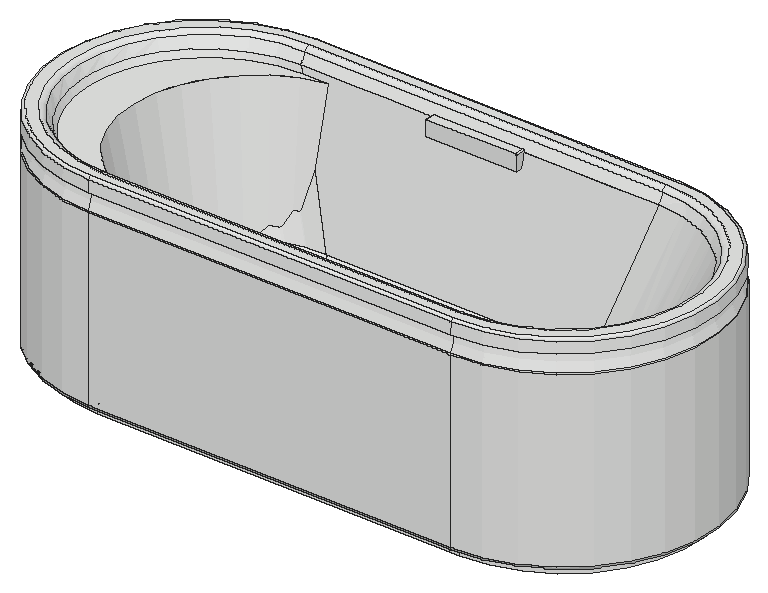
Revit family "Bath-Freestanding-KOHLER-LOVEE-K-9287T_1", category Plumbing Fixtures, host Face, Revit 2017
Family settings
  Host = Face
  Round Connector Dimension = Use Diameter
  Part Type = Normal
  OmniClass Number = 23.31.15.00
  OmniClass Title = Bathtubs
  Cut with Voids When Loaded = No
  Shared = No
  Room Calculation Point = No
Parameters (values of type "0-White")
  Width = 66.92913"  # constant formula
  WaterSense Certified = 1 = 0  # no
  Waste Water Outlet = "Waste Water Outlet"  # constant formula
  Waste Connection = 1 = 1  # yes
  Vent Connection = 1 = 0  # no
  URL = "http://www.kohler.com.cn/"
  Type = 1
  Product Page URL = "https://www.kohler.com.cn/product/K-9287T-0/K-9287T-0/"
  Product Name = "LOVEE"  # constant formula
  Product Documentation Link = "https://files.kohler.com.cn/pdfs/9287t.pdf"
  Model = "K-9287T-0"  # constant formula
  Material = "Cast Iron"  # constant formula
  Master Format 2014 Name = "Residential Bathtubs"  # constant formula
  Master Format 2014 = "22 41 19"  # constant formula
  Manufacturer Address = "Kohler Beijing Office (100016) 36-2-03-B, No. 88, Liuxiang Road, Beijing"  # constant formula
  Manufacturer = "KOHLER Co."  # constant formula
  Length = 29.52756"  # constant formula
  Hot Water Inlet = "Hot Water Inlet"  # constant formula
  Height = 22 5/16"  # constant formula
  HW Connection = 1 = 0  # no
  Finish = KOHLER-Cast_Iron-0-White
  Environmental Product Declaration = ""
  Drain Included = 1 = 0  # no
  Description = "Freestanding cast iron bathtub (with skirt)"  # constant formula
  Default Elevation = 0"
  Declare Label = ""
  Date Modified = "01/21/2021"  # constant formula
  Date Created = "01/21/2021"  # constant formula
  Copyright = "Copyright KOHLER Co."  # constant formula
  Contact Us = "http://www.kohler.com.cn/contact/contact-us/"
  Cold Water Inlet = "Cold Water Inlet"  # constant formula
  CW Connection = 1 = 0  # no
  Assembly Code = "D2010500"
  ADA Compliant = 1 = 0  # no
Reference planes (in)
  plane 1 "Center (Front/Back)": y = 0
  plane 2: z = 0
  plane 3 "Center (Left/Right)": x = 0
  plane 4: y = 14.76378
  plane 5: y = -14.76378
  plane 6: x = -33.46457
  plane 7: x = 33.46457
  plane 8: y = 9.59311
  plane 9: y = -9.59311
  plane 10: x = -23.1065
  plane 11: x = 23.1065
  plane 12: y = 13.1878
  plane 13: y = -13.1878
  plane 14: z = 22.3125
  plane 15: z = 21.14045
  plane 16: x = -30.73986
  plane 17: x = 30.73986
  plane 18: z = 20.94488
Dimensions and locks (in)
  plane 10 to plane 11 = 46.21299"
  plane 12 to plane 13 = 26.37559"
  plane 8 to plane 9 = 19.18622"
  "Height": plane 14 to level
  plane 14 to plane 15 = 1.17205"
  "Width": plane 6 to plane 7
  "Length": plane 4 to plane 5
  plane 14 to plane 18 = 1.36762"
  aligned and locked: plane 2 to host face
  aligned and locked: level to host face
Automatic sketch dimensions
  host sketch curve to host sketch curve = 96"  (x2)
Nested families (in)
  nested 1: "K-9287T" at (0, 0, 0), type "K-9287T"
Connectors (in)
  piping at (0, 0, 3.81199), diameter 1.3125, driven by "Waste Connection", driven by "Waste Water Outlet"
    settings: on nested 1, index 1, connector inside diameter 24", connector length 0", flow factor 0, pipe flow 0 GPM, pressure drop 0.00 psi, fitting loss kfactor 0, connector angle 0.00°, fixture units 0, engagement length 0", angle of deflection 0.00°, flow configuration 0, flow direction 2, fitting loss method 0, system type 16, joint type 0, gender type 0, connector reference index -1, connector utility 1, adjustable connector no, is connector primary yes, connector description "Waste Water Outlet"
Definition of nested family "K-9287T"
  Parameters (values of type "K-9287T")
    Material = none
  Reference planes (in)
    plane 1 "Center (Front/Back)": y = 0
    plane 2: z = 0
    plane 3 "Center (Left/Right)": x = 0
    plane 4: x = 33.46457
    plane 5: x = -33.46457
    plane 6: y = 14.76378
    plane 7: y = -14.76378
    plane 8: y = 13.1878
    plane 9: y = -13.1878
    plane 10: y = 9.59311
    plane 11: y = -9.59311
    plane 12: x = -23.1065
    plane 13: x = 23.1065
    plane 14: z = 22.31378
    plane 15: z = 21.14173
    plane 16: y = 8.77953
    plane 17: y = -8.77953
    plane 18: z = 20.94488
  Forms (in)
    Blend 1, void
      base sketch origin (0, 0, 0) x (1, 0, 0) y (0, 1, 0)
        loop
          arc (-13.32634, 9.22486) -> (-22.47988, 0.07132) -> (-13.32634, -9.08223) r 9.15354
          line (-13.32634, -9.08223) -> (13.54037, -9.08223)
          arc (13.54037, -9.08223) -> (22.69391, 0.07132) -> (13.54037, 9.22486) r 9.15354
          line (13.54037, 9.22486) -> (-13.32634, 9.22486)
      top sketch origin (0, 0, 0) x (1, 0, 0) y (0, 1, 0)
        loop
          line (18.4404, 12.31591) -> (-18.4238, 12.31603)
          arc (-18.4238, 12.31603) -> (-30.73986, 0) -> (-18.4238, -12.31603) r 12.31603
          line (-18.4238, -12.31603) -> (18.4404, -12.31591)
          arc (18.4404, -12.31591) -> (30.75627, 0) -> (18.4404, 12.31591) r 12.31591
      from 5.87937 to 20.94488
    Blend 2, solid, material <- "Material", detail levels medium+fine
      base sketch origin (0, 0, 0) x (1, 0, 0) y (0, 1, 0)
        loop
          arc (-13.467, 9.84638) -> (-23.34534, -0.03196) -> (-13.467, -9.9103) r 9.87834
          line (-13.467, -9.9103) -> (13.75131, -9.9103)
          arc (13.75131, -9.9103) -> (23.62964, -0.03196) -> (13.75131, 9.84638) r 9.87834
          line (13.75131, 9.84638) -> (-13.467, 9.84638)
      top sketch origin (0, 0, 0) x (1, 0, 0) y (0, 1, 0)
        loop
          arc (-18.87512, 13.1878) -> (-32.06294, 0.00001) -> (-18.87512, -13.18778) r 13.18779
          line (-18.87512, -13.18778) -> (18.80138, -13.18766)
          arc (18.80138, -13.18766) -> (31.98901, 0.00001) -> (18.80138, 13.18768) r 13.18767
          line (18.80138, 13.18768) -> (-18.87512, 13.1878)
      from 5.35142 to 20.94488
    Sweep 3, solid, material <- "Material", detail levels medium+fine
      path origin (0, 0, 0) x (1, 0, 0) y (0, 1, 0)
        loop
          arc (18.70419, -13.18771) -> (31.8919, 0) -> (18.70419, 13.18771) r 13.18771
          line (18.70419, 13.18771) -> (-18.69694, 13.18771)
          arc (-18.69694, 13.18771) -> (-31.88466, 0) -> (-18.69694, -13.18771) r 13.18771
          line (-18.69694, -13.18771) -> (18.70419, -13.18771)
      profile origin (0.00362, -13.18771, 0) x (0, -1, 0) y (0, 0, 1)
        loop
          line (0.85028, 22.31522) -> (0.85028, 20.94488)
          arc (0.85028, 20.94488) -> (0.9646, 20.0371) -> (1.30043, 19.186) r 3.66136
          arc (1.30043, 19.186) -> (1.3299, 19.11131) -> (1.33993, 19.03164) r 0.32132
          line (1.33993, 19.03164) -> (1.33993, 1.26317)
          arc (1.33993, 1.26317) -> (1.32742, 1.23298) -> (1.29723, 1.22047) r 0.0427
          line (1.29723, 1.22047) -> (0.65667, 1.22047)
          arc (0.65667, 1.22047) -> (0.30464, 1.07466) -> (0.15883, 0.72263) r 0.49784
          line (0.15883, 0.72263) -> (0.15883, 0) -> (0.39505, 0) -> (0.39505, 0.72333)
          arc (0.39505, 0.72333) -> (0.47147, 0.90783) -> (0.65598, 0.98425) r 0.26093
          line (0.65598, 0.98425) -> (1.30805, 0.98425)
          arc (1.30805, 0.98425) -> (1.49763, 1.06278) -> (1.57615, 1.25235) r 0.2681
          line (1.57615, 1.25235) -> (1.57615, 19.074)
          arc (1.57615, 19.074) -> (1.56815, 19.14736) -> (1.54453, 19.21728) r 0.34042
          arc (1.54453, 19.21728) -> (1.22914, 20.06188) -> (1.04713, 20.94488) r 5.85649
          line (1.04713, 20.94488) -> (1.57607, 20.94488) -> (1.47836, 22.06168)
          arc (1.47836, 22.06168) -> (1.38931, 22.24225) -> (1.20167, 22.31522) r 0.27775
          line (1.20167, 22.31522) -> (0.85028, 22.31522)
    Sweep 4, solid, material <- "Material", detail levels medium+fine
      path origin (0, 0, 0) x (1, 0, 0) y (0, 1, 0)
        loop
          arc (-18.4238, 12.31603) -> (-30.73986, 0) -> (-18.4238, -12.31603) r 12.31603
          line (-18.4238, -12.31603) -> (18.4404, -12.31591)
          arc (18.4404, -12.31591) -> (30.75627, 0) -> (18.4404, 12.31591) r 12.31591
          line (18.4404, 12.31591) -> (-18.4238, 12.31603)
      profile origin (30.75627, 0, 0) x (1, 0, 0) y (0, 0, 1)
        loop
          line (0.543, 21.96487) -> (0, 20.94488) -> (1.4305, 20.94488) -> (1.4305, 22.31522) -> (1.1264, 22.31522)
          arc (1.1264, 22.31522) -> (0.78614, 22.2209) -> (0.543, 21.96487) r 0.66092
    Extrusion 5, solid, material <- "Material", detail levels medium+fine
      sketch origin (0, 0, 0) x (1, 0, 0) y (0, 1, 0)
        loop
          line (18.4404, 13.74641) -> (-18.42379, 13.74652)
          arc (-18.42379, 13.74652) -> (-32.17036, 0) -> (-18.42379, -13.74652) r 13.74652
          line (-18.42379, -13.74652) -> (18.4404, -13.74641)
          arc (18.4404, -13.74641) -> (32.18677, 0) -> (18.4404, 13.74641) r 13.74641
        loop
          line (18.70419, 14.03799) -> (-18.69694, 14.03799)
          arc (-18.69694, 14.03799) -> (-32.73494, 0) -> (-18.69694, -14.03799) r 14.03799
          line (-18.69694, -14.03799) -> (18.70419, -14.03799)
          arc (18.70419, -14.03799) -> (32.74218, 0) -> (18.70419, 14.03799) r 14.03799
      from 20.94488 to 22.31522
    Sweep 6, solid, material <- "Material", detail levels medium+fine
      path origin (0, 0, 0) x (1, 0, 0) y (0, 1, 0)
        loop
          line (13.54037, 9.22486) -> (-13.32634, 9.22486)
          arc (-13.32634, 9.22486) -> (-22.47988, 0.07132) -> (-13.32634, -9.08223) r 9.15354
          line (-13.32634, -9.08223) -> (13.54037, -9.08223)
          arc (13.54037, -9.08223) -> (22.69391, 0.07132) -> (13.54037, 9.22486) r 9.15354
      profile origin (22.69391, 0.07132, 0) x (-1, 0, 0) y (0, 0, 1)
        loop
          line (0, 5.87937) -> (1.5748, 5.87937)
          arc (1.5748, 5.87937) -> (0.24191, 6.22213) -> (-0.71338, 7.21285) r 2.52557
          line (-0.71338, 7.21285) -> (0, 5.87937)
    Blend 7, solid, material <- "Material", detail levels medium+fine
      base sketch origin (0, 0, 0) x (1, 0, 0) y (0, 1, 0)
        loop
          arc (-13.467, 9.84638) -> (-23.34534, -0.03196) -> (-13.467, -9.9103) r 9.87834
          line (-13.467, -9.9103) -> (-11.11988, -9.9103) -> (-11.11988, 9.84638) -> (-13.467, 9.84638)
      top sketch origin (0, 0, 0) x (1, 0, 0) y (0, 1, 0)
        loop
          arc (-18.87512, 13.1878) -> (-32.06294, 0.00001) -> (-18.87512, -13.18778) r 13.18779
          line (-18.87512, -13.18778) -> (-11.11988, -13.18776) -> (-11.11988, 13.18777) -> (-18.87512, 13.1878)
      from 5.04279 to 20.31483
    Blend 8, void
      base sketch origin (0.05035, -0.1465, 0) x (1, 0, 0) y (0, 1, 0)
        loop
          arc (-13.06917, 9.81541) -> (-22.81327, 0.07132) -> (-13.06917, -9.67278) r 9.74409
          line (-13.06917, -9.67278) -> (-9.59542, -9.67278) -> (-9.59542, 9.81541) -> (-13.06917, 9.81541)
      top sketch origin (0.05035, -0.1465, 0) x (1, 0, 0) y (0, 1, 0)
        loop
          line (-9.59542, 12.7097) -> (-13.09097, 12.70971)
          arc (-13.09097, 12.70971) -> (-25.80072, 0) -> (-13.09097, -12.70971) r 12.70971
          line (-13.09097, -12.70971) -> (-9.59542, -12.7097) -> (-9.59542, 12.7097)
      from 5.68866 to 20.94488
    Extrusion 9, solid, material <- "Material", detail levels medium+fine
      sketch origin (0, 0, 0) x (1, 0, 0) y (0, 0, 1)
        loop
          line (-4.81123, 21.01125) -> (-4.81123, 19.65569)
          arc (-4.81123, 19.65569) -> (-4.77894, 19.57773) -> (-4.70097, 19.54543) r 0.11025
          line (-4.70097, 19.54543) -> (4.52627, 19.54543) -> (4.52627, 21.01125)
          arc (4.52627, 21.01125) -> (4.49168, 21.09477) -> (4.40816, 21.12936) r 0.11811
          line (4.40816, 21.12936) -> (-4.69312, 21.12936)
          arc (-4.69312, 21.12936) -> (-4.77663, 21.09477) -> (-4.81123, 21.01125) r 0.11811
      from -12.93658 to -11.43252
    Extrusion 10, void
      sketch origin (0, 0, 0) x (1, 0, 0) y (0, 1, 0)
        loop
          arc (-2.00442, 2.40789) -> (-2.28281, 2.29258) -> (-2.39812, 2.01419) r 0.3937
          line (-2.39812, 2.01419) -> (-2.39812, -2.01419)
          arc (-2.39812, -2.01419) -> (-2.28281, -2.29258) -> (-2.00442, -2.40789) r 0.3937
          line (-2.00442, -2.40789) -> (2.00442, -2.40789)
          arc (2.00442, -2.40789) -> (2.28281, -2.29258) -> (2.39812, -2.01419) r 0.3937
          line (2.39812, -2.01419) -> (2.39812, 2.01419)
          arc (2.39812, 2.01419) -> (2.28281, 2.29258) -> (2.00442, 2.40789) r 0.3937
          line (2.00442, 2.40789) -> (-2.00442, 2.40789)
      from 2.21015 to 7.89698
    Blend 11, solid, material <- "Material", detail levels medium+fine
      base sketch origin (0, 0, 0) x (1, 0, 0) y (0, 1, 0)
        loop
          line (-2.39812, 2.01419) -> (-2.39812, -2.01419)
          arc (-2.39812, -2.01419) -> (-2.28281, -2.29258) -> (-2.00442, -2.40789) r 0.3937
          line (-2.00442, -2.40789) -> (2.00442, -2.40789)
          arc (2.00442, -2.40789) -> (2.28281, -2.29258) -> (2.39812, -2.01419) r 0.3937
          line (2.39812, -2.01419) -> (2.39812, 2.01419)
          arc (2.39812, 2.01419) -> (2.28281, 2.29258) -> (2.00442, 2.40789) r 0.3937
          line (2.00442, 2.40789) -> (-2.00442, 2.40789)
          arc (-2.00442, 2.40789) -> (-2.28281, 2.29258) -> (-2.39812, 2.01419) r 0.3937
      top sketch origin (0, 0, 0) x (1, 0, 0) y (0, 1, 0)
        loop
          arc (-0.80906, 1.26512) -> (-1.12921, 1.13251) -> (-1.26182, 0.81236) r 0.45276
          line (-1.26182, 0.81236) -> (-1.26182, -0.81236)
          arc (-1.26182, -0.81236) -> (-1.12921, -1.13251) -> (-0.80906, -1.26512) r 0.45276
          line (-0.80906, -1.26512) -> (0.80906, -1.26512)
          arc (0.80906, -1.26512) -> (1.12921, -1.13251) -> (1.26182, -0.81236) r 0.45276
          line (1.26182, -0.81236) -> (1.26182, 0.81236)
          arc (1.26182, 0.81236) -> (1.12921, 1.13251) -> (0.80906, 1.26512) r 0.45276
          line (0.80906, 1.26512) -> (-0.80906, 1.26512)
      from 5.87937 to 4.65567
    Revolve 12, solid, detail levels medium+fine
      sketch origin (0, 0, 0) x (1, 0, 0) y (0, 0, 1)
        loop
          line (-1.35, 5.92209) -> (-0.64618, 5.92209) -> (-0.64618, 5.56009) -> (-0.56592, 5.56009) -> (-0.56592, 5.29427) -> (-0.64618, 5.29427) -> (-0.64618, 5.23128) -> (0, 5.23128) -> (0, 6.17143)
          arc (0, 6.17143) -> (-0.68579, 6.12325) -> (-1.35814, 5.9798) r 4.91205
          arc (-1.35814, 5.9798) -> (-1.37914, 5.94741) -> (-1.35, 5.92209) r 0.02943
        loop
          line (-1.09371, 4.34647) -> (-1.09371, 3.81199) -> (0, 3.81199) -> (0, 5.11675) -> (-1.36, 5.11675) -> (-1.36, 5.01795) -> (-1.00439, 4.96842) -> (-1.00439, 4.85252) -> (-1.34843, 4.85252) -> (-1.34843, 4.76886) -> (-1.41273, 4.76886) -> (-1.41273, 4.65567) -> (-0.93025, 4.65567) -> (-0.93025, 4.55569) -> (-1.36, 4.55569) -> (-1.36, 4.44582) -> (-1.15537, 4.41732)
          arc (-1.15537, 4.41732) -> (-1.11129, 4.39343) -> (-1.09371, 4.34647) r 0.07153
        axis (0, 3.81199) -> (0, 6.17143)
      angle from 0 to 360
    Sweep 13, solid, material <- "Material", detail levels coarse
      path origin (0, 0, 0) x (1, 0, 0) y (0, 1, 0)
        loop
          arc (18.70419, -13.18771) -> (31.8919, 0) -> (18.70419, 13.18771) r 13.18771
          line (18.70419, 13.18771) -> (-18.69694, 13.18771)
          arc (-18.69694, 13.18771) -> (-31.88466, 0) -> (-18.69694, -13.18771) r 13.18771
          line (-18.69694, -13.18771) -> (18.70419, -13.18771)
      profile origin (31.8919, 0, 0) x (1, 0, 0) y (0, 0, 1)
        loop
          line (1.78679, 0) -> (1.78679, 22.40967) -> (-0.6348, 22.40967) -> (-5.31687, 6.08134) -> (-12.38644, 6.08134) -> (-12.38644, 0) -> (1.78679, 0)
    Extrusion 14, solid, material <- "Material", detail levels coarse
      sketch origin (0, 0, 0) x (1, 0, 0) y (0, 1, 0)
        loop
          arc (-18.69694, 0.80127) -> (-19.49822, 0) -> (-18.69694, -0.80128) r 0.80128
          line (-18.69694, -0.80128) -> (18.70419, -0.80128)
          arc (18.70419, -0.80128) -> (19.50547, 0) -> (18.70419, 0.80127) r 0.80128
          line (18.70419, 0.80127) -> (-18.69694, 0.80127)
      from 0 to 6.08134
  Cuts and joins
    Blend 1, Extrusion 10 cuts Blend 2
    Extrusion 10 cuts Sweep 3
    Extrusion 10 cuts Sweep 4
    Extrusion 10 cuts Extrusion 5
    joined: Blend 2, Sweep 3, Sweep 4, Extrusion 5, Extrusion 9
    Blend 8 cuts Blend 7
    joined: Sweep 13, Extrusion 14
  Lines and regions (in)
    Masking region 1
      outline origin (0, 0, 0) x (1, 0, 0) y (0, 1, 0)
        loop
          arc (-18.69694, 14.76378) -> (-33.46072, -0.00376) -> (-18.68942, -14.76378) r 14.76378
          line (-18.68942, -14.76378) -> (18.71142, -14.76378)
          arc (18.71142, -14.76378) -> (33.46797, 0.00362) -> (18.70419, 14.76378) r 14.76378
          line (18.70419, 14.76378) -> (-18.69694, 14.76378)
    Masking region 2
      outline origin (0, 0, 0) x (1, 0, 0) y (0, 0, 1)
        loop
          arc (-33.46457, 1.26431) -> (-33.38305, 1.06752) -> (-33.18626, 0.986) r 0.27831
          line (-33.18626, 0.986) -> (-32.54738, 0.986)
          arc (-32.54738, 0.986) -> (-32.35811, 0.9076) -> (-32.27971, 0.71832) r 0.26768
          line (-32.27971, 0.71832) -> (-32.27971, 0) -> (32.27971, 0) -> (32.27971, 0.71832)
          arc (32.27971, 0.71832) -> (32.35811, 0.9076) -> (32.54738, 0.986) r 0.26768
          line (32.54738, 0.986) -> (33.18626, 0.986)
          arc (33.18626, 0.986) -> (33.38305, 1.06752) -> (33.46457, 1.26431) r 0.27831
          line (33.46457, 1.26431) -> (33.46457, 19.1256)
          arc (33.46457, 19.1256) -> (33.13669, 20.01724) -> (32.93179, 20.94488) r 7.04378
          line (32.93179, 20.94488) -> (33.46457, 20.94488) -> (33.36523, 22.08036)
          arc (33.36523, 22.08036) -> (33.28324, 22.2466) -> (33.11049, 22.31378) r 0.25571
          line (33.11049, 22.31378) -> (-33.11049, 22.31378)
          arc (-33.11049, 22.31378) -> (-33.28324, 22.2466) -> (-33.36523, 22.08036) r 0.25571
          line (-33.36523, 22.08036) -> (-33.46457, 20.94488) -> (-32.93179, 20.94488)
          arc (-32.93179, 20.94488) -> (-33.13669, 20.01724) -> (-33.46457, 19.1256) r 7.04378
          line (-33.46457, 19.1256) -> (-33.46457, 1.26431)
    Masking region 3
      outline origin (0, 0, 0) x (0, 1, 0) y (0, 0, 1)
        loop
          line (14.76378, 20.94488) -> (14.66323, 22.09417)
          arc (14.66323, 22.09417) -> (14.5861, 22.25057) -> (14.42356, 22.31378) r 0.24058
          line (14.42356, 22.31378) -> (-14.42356, 22.31378)
          arc (-14.42356, 22.31378) -> (-14.5861, 22.25057) -> (-14.66323, 22.09417) r 0.24058
          line (-14.66323, 22.09417) -> (-14.76378, 20.94488) -> (-14.23484, 20.94488)
          arc (-14.23484, 20.94488) -> (-14.42947, 20.01848) -> (-14.76378, 19.13284) r 6.15859
          line (-14.76378, 19.13284) -> (-14.76378, 1.24455)
          arc (-14.76378, 1.24455) -> (-14.69057, 1.06782) -> (-14.51384, 0.99461) r 0.24994
          line (-14.51384, 0.99461) -> (-13.86307, 0.99461)
          arc (-13.86307, 0.99461) -> (-13.66486, 0.91251) -> (-13.58276, 0.71431) r 0.28031
          line (-13.58276, 0.71431) -> (-13.58276, 0) -> (13.58276, 0) -> (13.58276, 0.71431)
          arc (13.58276, 0.71431) -> (13.66486, 0.91251) -> (13.86307, 0.99461) r 0.28031
          line (13.86307, 0.99461) -> (14.51384, 0.99461)
          arc (14.51384, 0.99461) -> (14.69057, 1.06782) -> (14.76378, 1.24455) r 0.24994
          line (14.76378, 1.24455) -> (14.76378, 19.13284)
          arc (14.76378, 19.13284) -> (14.42947, 20.01848) -> (14.23484, 20.94488) r 6.15859
          line (14.23484, 20.94488) -> (14.76378, 20.94488)
    symbolic lines
      curve 1: line (-4.81123, 12.31598, 0) -> (-18.4238, 12.31603, 0)
      curve 2: arc (-18.4238, 12.31603, 0) -> (-30.73986, 0, 0) -> (-18.4238, -12.31603, 0) r 12.31603
      curve 3: line (-18.4238, -12.31603, 0) -> (18.4404, -12.31591, 0)
      curve 4: arc (18.4404, -12.31591, 0) -> (30.75627, 0, 0) -> (18.4404, 12.31591, 0) r 12.31591
      curve 5: line (18.4404, 12.31591, 0) -> (4.52627, 12.31595, 0)
      curve 10: arc (-13.32634, 7.65006, 0) -> (-20.90508, 0.07132, 0) -> (-13.32634, -7.50742, 0) r 7.57874
      curve 11: line (13.54037, 7.65006, 0) -> (-13.32634, 7.65006, 0)
      curve 12: arc (13.54037, -7.50742, 0) -> (21.11911, 0.07132, 0) -> (13.54037, 7.65006, 0) r 7.57874
      curve 13: line (-13.32634, -7.50742, 0) -> (13.54037, -7.50742, 0)
      curve 42: arc (-1.34843, 0, 0) -> (0, 1.34843, 0) -> (1.34843, 0, 0) r 1.34843
      curve 43: arc (1.36, 0, 0) -> (0, -1.36, 0) -> (-1.36, 0, 0) r 1.36
    symbolic lines, detail levels medium+fine
      curve 6: line (18.70419, 14.23484, 0) -> (-18.69694, 14.23484, 0)
      curve 7: arc (-18.69694, 14.23484, 0) -> (-32.93179, 0, 0) -> (-18.69694, -14.23484, 0) r 14.23484
      curve 8: line (-18.69694, -14.23484, 0) -> (18.70419, -14.23484, 0)
      curve 9: arc (18.70419, -14.23484, 0) -> (32.93903, 0, 0) -> (18.70419, 14.23484, 0) r 14.23484
      curve 14: arc (-13.32634, 9.22486, 0) -> (-22.47988, 0.07132, 0) -> (-13.32634, -9.08223, 0) r 9.15354
      curve 15: line (-13.32634, 9.22486, 0) -> (13.54037, 9.22486, 0)
      curve 16: line (-13.32634, -9.08223, 0) -> (13.54037, -9.08223, 0)
      curve 17: arc (13.54037, -9.08223, 0) -> (22.69391, 0.07132, 0) -> (13.54037, 9.22486, 0) r 9.15354
      curve 18: line (2.00442, 2.40789, 0) -> (-2.00442, 2.40789, 0)
      curve 19: arc (-2.00442, 2.40789, 0) -> (-2.28281, 2.29258, 0) -> (-2.39812, 2.01419, 0) r 0.3937
      curve 20: line (-2.39812, 2.01419, 0) -> (-2.39812, -2.01419, 0)
      curve 21: arc (-2.39812, -2.01419, 0) -> (-2.28281, -2.29258, 0) -> (-2.00442, -2.40789, 0) r 0.3937
      curve 22: line (-2.00442, -2.40789, 0) -> (2.00442, -2.40789, 0)
      curve 23: arc (2.00442, -2.40789, 0) -> (2.28281, -2.29258, 0) -> (2.39812, -2.01419, 0) r 0.3937
      curve 24: line (2.39812, -2.01419, 0) -> (2.39812, 2.01419, 0)
      curve 25: arc (2.39812, 2.01419, 0) -> (2.28281, 2.29258, 0) -> (2.00442, 2.40789, 0) r 0.3937
      curve 26: line (-1.1811, 1.5748, 0) -> (1.1811, 1.5748, 0)
      curve 27: line (-1.1811, -1.5748, 0) -> (1.1811, -1.5748, 0)
      curve 28: line (1.5748, 1.1811, 0) -> (1.5748, -1.1811, 0)
      curve 29: line (-1.5748, 1.1811, 0) -> (-1.5748, -1.1811, 0)
      curve 30: arc (-1.5748, 1.1811, 0) -> (-1.45949, 1.45949, 0) -> (-1.1811, 1.5748, 0) r 0.3937
      curve 31: arc (1.1811, 1.5748, 0) -> (1.45949, 1.45949, 0) -> (1.5748, 1.1811, 0) r 0.3937
      curve 32: arc (1.5748, -1.1811, 0) -> (1.45949, -1.45949, 0) -> (1.1811, -1.5748, 0) r 0.3937
      curve 33: arc (-1.5748, -1.1811, 0) -> (-1.45949, -1.45949, 0) -> (-1.1811, -1.5748, 0) r 0.3937
      curve 34: line (-1.1811, 1.5748, 0) -> (-2.00442, 2.40789, 0)
      curve 35: line (-1.5748, 1.1811, 0) -> (-2.39812, 2.01419, 0)
      curve 36: line (1.1811, 1.5748, 0) -> (2.00442, 2.40789, 0)
      curve 37: line (1.5748, 1.1811, 0) -> (2.39812, 2.01419, 0)
      curve 38: line (-1.5748, -1.1811, 0) -> (-2.39812, -2.01419, 0)
      curve 39: line (-1.1811, -1.5748, 0) -> (-2.00442, -2.40789, 0)
      curve 40: line (1.1811, -1.5748, 0) -> (2.00442, -2.40789, 0)
      curve 41: line (1.5748, -1.1811, 0) -> (2.39812, -2.01419, 0)
      curve 44: line (-4.81123, 11.43252, 0) -> (4.52627, 11.43252, 0)
      curve 45: line (-4.81123, 12.41419, 0) -> (4.52627, 12.41416, 0)
      curve 46: line (-4.81123, 11.43252, 0) -> (-4.81123, 12.41419, 0)
      curve 47: line (4.52627, 11.43252, 0) -> (4.52627, 12.41416, 0)
      curve 48: arc (-16.24438, -12.31602, 0) -> (-25.60623, 0.57906, 0) -> (-14.82795, 12.31601, 0) r 12.58724
      curve 49: arc (-14.82795, 12.31601, 0) -> (-22.48007, 0, 0) -> (-14.82795, -12.31601, 0) r 13.73732
      curve 50: arc (-14.82795, 12.31601, 0) -> (-26.7137, 0.64275, 0) -> (-16.24438, -12.31602, 0) r 12.39444
      curve 51: arc (-14.82795, 12.31601, 0) -> (-23.19345, 0, 0) -> (-14.82795, -12.31601, 0) r 13.24881
      curve 52: line (-32.93179, 0, 20.94488) -> (32.93903, 0, 20.94488)
      curve 53: line (-33.36523, 0, 22.08036) -> (33.36523, 0, 22.08036)
      curve 54: line (-32.54738, 0, 0.986) -> (32.54738, 0, 0.986)
      curve 55: line (-33.46457, 0, 19.1256) -> (33.46457, 0, 19.1256)
      curve 56: line (-33.46457, 0, 1.26431) -> (33.46457, 0, 1.26431)
      curve 57: line (-32.27971, 0, 0.71832) -> (32.27971, 0, 0.71832)
      curve 58: line (0, 14.23484, 20.94488) -> (0, -14.23484, 20.94488)
      curve 59: line (0, 14.66323, 22.09417) -> (0, -14.66323, 22.09417)
      curve 60: line (0, 13.86307, 0.99461) -> (0, -13.86307, 0.99461)
      curve 61: line (0, 13.58276, 0.71431) -> (0, -13.58276, 0.71431)
      curve 62: line (0, -14.76378, 1.24455) -> (0, 14.76378, 1.24455)
      curve 63: line (0, 14.76378, 19.13284) -> (0, -14.76378, 19.13284)
    symbolic lines, detail levels coarse
      curve 64: line (-4.81123, 12.31598, 0) -> (4.52627, 12.31595, 0)
  Dimensions and locks (in)
    plane 10 to plane 11 = 19.18622"
    plane 8 to plane 9 = 26.37559"
    plane 6 to plane 7 = 29.52756"
    plane 5 to plane 4 = 66.92913"
    plane 12 to plane 13 = 46.21299"
    plane 15 to level = 21.14173"
    plane 16 to plane 17 = 17.55906"
    plane 14 to plane 18 = 1.3689"
    aligned and locked: plane 2 to level
